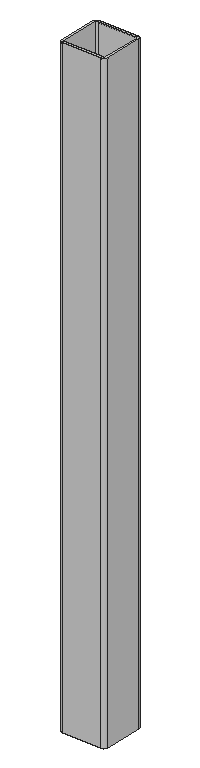
Revit family "HSS-Hollow Structural Section-Column", category 구조 기둥, Revit 2026
Family settings
  단면 모양 = 정의되지 않음
  모델 동작 재료 = 스틸
  항상 형상으로 내보내기 = 아니오
  평면의 보 전환 = 경계 상자에서
  로드될 때 보이드를 사용하여 절단 = 아니오
  기호 표현 = 프로젝트 설정에서
  공유 = 아니오
  평면도에서 미리 절단된 패밀리 표시 = 예
Parameters (values of type "HSS8X8X.375")
  Structural Material [instance] = Metal - Steel - ASTM A500 - Grade B - Rectangular and Square
  A = 10.08 in²
  조합 코드 = "B10"
  Ht = 0' - 8"
  Shape = "Square"
  W = 37.6
  b = 0' - 8"
  kr = 2 * t  # 0' - 0 89/128"
  t = 0' - 0 89/256"
Types (2): name | Ht | W | b | kr | t
  HSS8X8X.375 | 0' - 8" | 37.6 | 0' - 8" | 0' - 0 89/128" | 0' - 0 89/256"
  HSS6X6X.500 | 0' - 6" | 35.1 | 0' - 6" | 0' - 0 119/128" | 0' - 0 119/256"
Reference planes (in)
  plane 1 "Center (Front/Back)": y = 0
  plane 2: z = 0
  plane 3 "Center (Left/Right)": x = 0
  plane 4: x = -4
  plane 5: x = 4
  plane 6: y = 4
  plane 7: y = -4
  plane 8: x = -3.30469
  plane 9: y = -3.30469
  plane 10: y = 3.30469
  plane 11: x = 3.30469
Forms (in)
  Extrusion 1, solid, material "Metal - Steel - ASTM A500 - Grade B - Rectangular and Square" <- "Structural Material", detail levels medium
    sketch origin (0, 0, 0) x (1, 0, 0) y (0, 1, 0)
      loop
        line (-4, 4) -> (-4, -4) -> (4, -4) -> (4, 4) -> (-4, 4)
      loop
        line (-3.65234, 3.65234) -> (-3.65234, -3.65234) -> (3.65234, -3.65234) -> (3.65234, 3.65234) -> (-3.65234, 3.65234)
    from 0 to 108
  Extrusion 2, solid, material "Metal - Steel - ASTM A500 - Grade B - Rectangular and Square" <- "Structural Material", detail levels fine
    sketch origin (0, 0, 0) x (1, 0, 0) y (0, 1, 0)
      loop
        arc (-3.30469, 4) -> (-3.79635, 3.79635) -> (-4, 3.30469) r 0.69531
        line (-4, 3.30469) -> (-4, -3.30469)
        arc (-4, -3.30469) -> (-3.79635, -3.79635) -> (-3.30469, -4) r 0.69531
        line (-3.30469, -4) -> (3.30469, -4)
        arc (3.30469, -4) -> (3.79635, -3.79635) -> (4, -3.30469) r 0.69531
        line (4, -3.30469) -> (4, 3.30469)
        arc (4, 3.30469) -> (3.79635, 3.79635) -> (3.30469, 4) r 0.69531
        line (3.30469, 4) -> (-3.30469, 4)
      loop
        arc (-3.30469, 3.65234) -> (-3.55052, 3.55052) -> (-3.65234, 3.30469) r 0.34766
        line (-3.65234, 3.30469) -> (-3.65234, -3.30469)
        arc (-3.65234, -3.30469) -> (-3.55052, -3.55052) -> (-3.30469, -3.65234) r 0.34766
        line (-3.30469, -3.65234) -> (3.30469, -3.65234)
        arc (3.30469, -3.65234) -> (3.55052, -3.55052) -> (3.65234, -3.30469) r 0.34766
        line (3.65234, -3.30469) -> (3.65234, 3.30469)
        arc (3.65234, 3.30469) -> (3.55052, 3.55052) -> (3.30469, 3.65234) r 0.34766
        line (3.30469, 3.65234) -> (-3.30469, 3.65234)
    from 0 to 108
Lines and regions (in)
  symbolic lines, style "StructuralColumnStickSymbols", detail levels coarse
    curve 1: line (-4, 4, 0) -> (4, 4, 0)
    curve 2: line (-4, -4, 0) -> (4, -4, 0)
    curve 5: line (-4, 4, 0) -> (-4, -4, 0)
    curve 6: line (4, 4, 0) -> (4, -4, 0)
  symbolic lines, style "Hidden Faces", detail levels medium+fine
    curve 3: line (-3.65234, 0, 0) -> (-3.65234, 0, 108)
    curve 4: line (3.65234, 0, 108) -> (3.65234, 0, 0)
    curve 7: line (0, 3.65234, 0) -> (0, 3.65234, 108)
    curve 8: line (0, -3.65234, 108) -> (0, -3.65234, 0)
Dimensions and locks (in)
  equal spacing: plane 4, plane 3 "Center (Left/Right)", plane 5
  equal spacing: plane 7, plane 1 "Center (Front/Back)", plane 6
  "Ht": plane 7 to plane 6
  "b": plane 4 to plane 5
  "t": Extrusion 1 sketch curve to plane 5
  "t": plane 4 to Extrusion 1 sketch curve
  "t": Extrusion 1 sketch curve to plane 6
  "t": Extrusion 1 sketch curve to plane 7
  "t": Extrusion 2 sketch curve to plane 6
  "t": Extrusion 2 sketch curve to plane 5
  "t": plane 4 to Extrusion 2 sketch curve
  "t": Extrusion 2 sketch curve to plane 7
  "kr": plane 10 to plane 6
  "kr": plane 7 to plane 9
  "kr": plane 11 to plane 5
  "kr": plane 4 to plane 8
  aligned and locked: plane 6 to Extrusion 1 sketch curve
  aligned and locked: Extrusion 1 sketch curve to plane 7
  aligned and locked: Extrusion 1 sketch curve to plane 4
  aligned and locked: plane 5 to Extrusion 1 sketch curve
  aligned and locked: level to Extrusion 1
  aligned and locked: level to plane 2
  aligned and locked: Extrusion 1 to plane 2
  aligned and locked: Extrusion 2 sketch curve to Extrusion 1
  aligned and locked: level to Extrusion 2
  aligned and locked: curve 4 to Extrusion 2
  aligned and locked: curve 3 to Extrusion 2
  aligned and locked: Extrusion 2 to curve 7  (x2)
  aligned and locked: Extrusion 2 to curve 8  (x2)
  aligned and locked: curve 7 to Extrusion 1
  aligned and locked: curve 8 to Extrusion 1
  aligned and locked: plane 6 to Extrusion 2 sketch curve
  aligned and locked: plane 4 to curve 5
  aligned and locked: plane 6 to curve 1
  aligned and locked: plane 5 to curve 6
  aligned and locked: plane 7 to curve 2
Automatic sketch dimensions
  Extrusion 2 sketch curve to plane 8 = 0' - 0"  (x3)
  Extrusion 2 sketch curve to plane 7 = 0' - 0"
  Extrusion 2 sketch curve to plane 11 = 0' - 0"
  Extrusion 2 sketch curve to plane 10 = 0' - 0"  (x2)
  Extrusion 2 sketch curve to plane 9 = 0' - 0"  (x2)
  curve 3 to level = 0' - 0"  (x2)
  curve 4 to level = 0' - 0"  (x2)
  Extrusion 2 sketch curve to Extrusion 2 sketch curve = 0' - 0"
